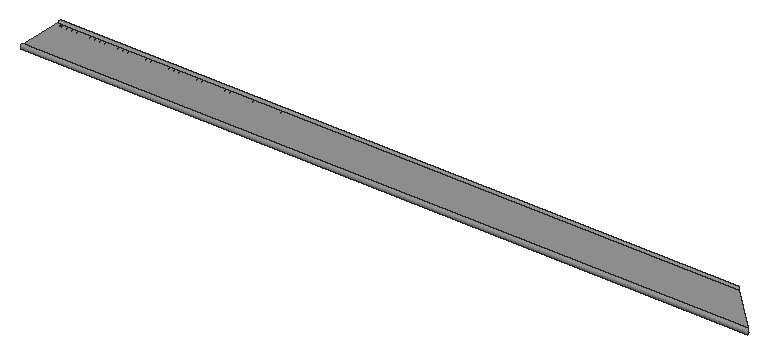
Revit family "PVC443_4 Inch DB PVC Waterstop", category Specialty Equipment, Revit 2019
Family settings
  Round Connector Dimension = Use Diameter
  Part Type = Normal
  OmniClass Number = 23.10.00.00
  OmniClass Title = Site Products
  Cut with Voids When Loaded = No
  Shared = No
  Room Calculation Point = No
Parameters (values of type "PVC443 - Horizontal")
  z_Vertical = no
  z_Left Cut Distance [instance] = if([Left Cut 45° Tee-Cross], 0.00", 3.00")  # 3.00"
  z_Horizontal = yes
  z_Distance 3 [instance] = if(Ellbow Cut, 4.00", 15.00")  # 4.00"
  z_Distance 2 [instance] = if(and(Corner Cut, z_Vertical), 0.44", 5.00")  # 5.00"
  z_Distance 1 [instance] = if([Right Cut 45° Tee-Cross], 5.00", 10.00")  # 10.00"
  z_Distance [instance] = if([Left Cut 45° Tee-Cross], 5.00", 10.00")  # 10.00"
  z_Cut Distance [instance] = if(z_Distance 2 = 0.44", 0.44", 0.00")  # 0.00"
  Width = 4.00"
  Weight = "0.49 lbs/lft"
  URL = "https://www.jpspecialties.com/"
  z_Right Cut Distance [instance] = if([Right Cut 45° Tee-Cross], 0.00", 3.00")  # 3.00"
  Telephone = "951-763-7077"
  Right Cut 45° Tee-Cross [instance] = no
  Product data url = "www.bimmodeller.com/jpspecialties/products/Polyvinyl-Chloride-PVC-Waterstop"
  Product Material = JP Specialties - Polyvinyl Chloride (PVC)
  Product Guid = "27e5cdcc-cece-4d8c-947d-ca6b8ef269ba"  # constant formula
  NOTE [instance] = "Elbow Cut and Tee-Cross cuts cannot be checked at the same time"  # constant formula
  Model = "PVC443"
  Materials = PVC
  Manufacturer = "J P Specialties Inc."  # constant formula
  built-in parameter 1001306 [instance] = 48.00"
  Left Cut 45° Tee-Cross [instance] = no
  z_Ellbow Cut Distance [instance] = if(Ellbow Cut, 0.00", 3.00")  # 0.00"
  z_Ellbow Cut Sweep Distance [instance] = if(Ellbow Cut, 3.00", 0.00")  # 3.00"
  Hydrophobic = "Yes"
  Hydrophilic = "No"
  Height = 0.38"
  Ellbow Cut [instance] = yes
  Keynote = "13000"
  Edition number = 1
  Description = "PVC443 is 4\" x 3/16\" x 50' Earth Shield PVC dumbbell waterstop."
  Corner Cut [instance] = no
  Certifications = "NSF 61, NSF 372, CRD C-572-74, ASTM D523"
  Assembly Code = "F1030"
Types (2): name | z_Vertical | z_Horizontal | z_Distance 3 | z_Distance 1 | z_Right Cut Distance | Right Cut 45° Tee-Cross | z_Ellbow Cut Distance | z_Ellbow Cut Sweep Distance | Ellbow Cut
  PVC443 - Horizontal | no | yes | 4.00" | 10.00" | 3.00" | no | 0.00" | 3.00" | yes
  PVC443 - Vertical | yes | no | 15.00" | 5.00" | 0.00" | yes | 3.00" | 0.00" | no
Reference planes (in)
  plane 1 "Center (Front/Back)": y = 0
  plane 2: z = 0
  plane 3 "Left": x = 0
  plane 4 "Right": x = 48
  plane 5: y = 3
  plane 6: y = -3
  plane 7: z = -1
  plane 8: z = 10
  plane 9: z = -10
  plane 10: x = 51
  plane 11: z = 4
  plane 12: x = -5
  plane 13: x = 0
  plane 14: y = 4.75
Forms (in)
  Extrusion 1, void
    sketch origin (0, 0, 0) x (1, 0, 0) y (0, 1, 0)
      loop
        line (48, 0) -> (48, 4.75) -> (43.25, 4.75) -> (48, 0)
    from 2 to 12
  Extrusion 2, void
    sketch origin (0, 0, 0) x (1, 0, 0) y (0, 1, 0)
      loop
        line (51, -1.99988) -> (51, 2.75) -> (46.25012, 2.75) -> (51, -1.99988)
    from -1 to 12
  Extrusion 3, void
    sketch origin (0, 0, 0) x (1, 0, 0) y (0, 1, 0)
      loop
        line (51, 0) -> (43.5, -7.5) -> (51, -7.5) -> (51, 0)
    from 2 to 12
  Extrusion 4, void
    sketch origin (0, 0, 0) x (1, 0, 0) y (0, 0, 1)
      loop
        line (48, 5.05025) -> (48, 10) -> (43.05025, 10) -> (48, 5.05025)
    from -8.21469 to 12
  Extrusion 5, void
    sketch origin (0, 0, 0) x (1, 0, 0) y (0, 0, 1)
      loop
        line (48, -5) -> (43, -10) -> (48, -10) -> (48, -5)
    from -8.21469 to 12
  Extrusion 6, void
    sketch origin (0, 0, 0) x (1, 0, 0) y (0, 0, 1)
      loop
        line (51, 2.03125) -> (46.71875, -2.25) -> (51, -2.25) -> (51, 2.03125)
    from -8.21469 to 12
  Extrusion 7, void
    sketch origin (0, 0, 0) x (1, 0, 0) y (0, 1, 0)
      loop
        line (-5, -4.5025) -> (4.2525, 4.75) -> (-5, 4.75) -> (-5, -4.5025)
    from -8.14882 to 12
  Sweep 8, solid, material "PVC" <- "Materials", visible <- "z_Horizontal"
    path origin (0, 0, 0) x (1, 0, 0) y (0, 1, 0)
      loop
        line (-5, 0.00016) -> (51, 0.00016)
    profile "PVC443.dwg : PVC443.dwg" origin (23, 0.00016, 0) x (0, 1, 0) y (0, 0, 1)
      loop
        arc (-1.65024, 0.09502) -> (-2.00004, 0.00129) -> (-1.65024, -0.09244) r 0.18746
        line (-1.65024, -0.09244) -> (1.65024, -0.09244)
        arc (1.65024, -0.09244) -> (2.00004, 0.00129) -> (1.65024, 0.09502) r 0.18746
        line (1.65024, 0.09502) -> (-1.65024, 0.09502)
  Sweep 9, solid, material "PVC" <- "Materials", visible <- "z_Vertical"
    path origin (0, 0, 0) x (1, 0, 0) y (0, 1, 0)
      loop
        line (-5, 0) -> (51, 0)
    profile "PVC443.dwg : PVC443.dwg" origin (23, 0, 0) x (0, 1, 0) y (0, 0, 1)
      loop
        arc (0.09529, 1.65065) -> (0.00153, 2.00045) -> (-0.09217, 1.65064) r 0.18746
        line (-0.09217, 1.65064) -> (-0.09189, -1.64983)
        arc (-0.09189, -1.64983) -> (0.00187, -1.99963) -> (0.09557, -1.64982) r 0.18746
        line (0.09557, -1.64982) -> (0.09529, 1.65065)
Cuts and joins
  Extrusion 1, Extrusion 2, Extrusion 3 cuts Sweep 8
  Extrusion 4, Extrusion 5, Extrusion 6 cuts Sweep 9
Lines and regions (in)
  reference lines
    curve 1: line (0, 0, 0) -> (48, 0, 0)
Dimensions and locks (in)
  "built-in parameter 1001306": plane 3 "Left" to plane 4 "Right"
  equal spacing: plane 5, plane 1 "Center (Front/Back)", plane 6
  locked: plane 5 to plane 6 at 6
  locked: Extrusion 1 sketch curve to plane 4 "Right" at 4.75
  locked: plane 2 to plane 7 at 1
  "z_Left Cut Distance": Extrusion 1 to plane 7
  locked: Extrusion 2 sketch curve to plane 4 "Right" at 1.74988
  locked: Extrusion 2 sketch curve to plane 5 at 4.99988
  "z_Ellbow Cut Distance": Extrusion 2 to plane 7
  locked: plane 4 "Right" to Extrusion 2 sketch curve at 3
  locked: Extrusion 3 sketch curve to plane 4 "Right" at 4.5
  locked: plane 6 to Extrusion 3 sketch curve at 3
  "z_Right Cut Distance": Extrusion 3 to plane 7
  "z_Distance": plane 8 to plane 2
  locked: plane 8 to Extrusion 4 sketch curve at 4.94975
  "z_Distance 1": plane 2 to plane 9
  locked: Extrusion 5 sketch curve to plane 9 at 5
  "z_Ellbow Cut Sweep Distance": plane 10 to plane 4 "Right"
  "z_Distance 3": plane 11 to plane 2
  "z_Distance 2": plane 12 to plane 3 "Left"
  locked: plane 1 "Center (Front/Back)" to Extrusion 7 sketch curve at 4.75
  "z_Cut Distance": plane 13 to plane 3 "Left"
  locked: plane 12 to Extrusion 7 sketch curve at 9.2525
  locked: plane 5 to plane 14 at 1.75
  plane 11 to Extrusion 6 sketch curve to Extrusion 6 sketch curve = 1.96875", 4.28125"
  plane 10 to Extrusion 6 sketch curve = 4.28125"
  locked: plane 4 "Right" to Extrusion 1 sketch curve (angle 45.00°)
  locked: plane 4 "Right" to Extrusion 2 sketch curve (angle 45.00°)
  locked: Extrusion 3 sketch curve to plane 4 "Right" (angle 45.00°)
  locked: plane 4 "Right" to Extrusion 4 sketch curve (angle 45.00°)
  angle Extrusion 5 sketch curve to plane 4 "Right" = 45.00°
  locked: Extrusion 6 sketch curve to Extrusion 6 sketch curve (angle 45.00°)
  locked: Extrusion 7 sketch curve to plane 12 (angle 45.00°)
  aligned and locked: plane 4 "Right" to curve 1
  aligned and locked: plane 1 "Center (Front/Back)" to curve 1
  aligned and locked: plane 3 "Left" to curve 1
  aligned and locked: level to plane 2
  aligned and locked: Extrusion 1 sketch curve to plane 4 "Right"
  aligned and locked: plane 1 "Center (Front/Back)" to Extrusion 1 sketch curve
  aligned and locked: Extrusion 4 sketch curve to plane 8
  aligned and locked: Extrusion 4 sketch curve to plane 4 "Right"
  aligned and locked: plane 4 "Right" to Extrusion 5 sketch curve  (x2)
  aligned and locked: plane 9 to Extrusion 5 sketch curve
  aligned and locked: plane 10 to Extrusion 6 sketch curve
  aligned and locked: plane 12 to Sweep 8 sketch curve
  aligned and locked: plane 10 to Sweep 8 sketch curve
  aligned and locked: plane 10 to Extrusion 3 sketch curve
  aligned and locked: plane 14 to Extrusion 1 sketch curve
  aligned and locked: plane 12 to Sweep 9 sketch curve
  aligned and locked: plane 1 "Center (Front/Back)" to Sweep 9 sketch curve
  aligned and locked: plane 10 to Sweep 9 sketch curve
  aligned and locked: plane 12 to Extrusion 7 sketch curve
Automatic sketch dimensions
  Sweep 8 sketch curve to plane 1 "Center (Front/Back)" = 0.00016"
